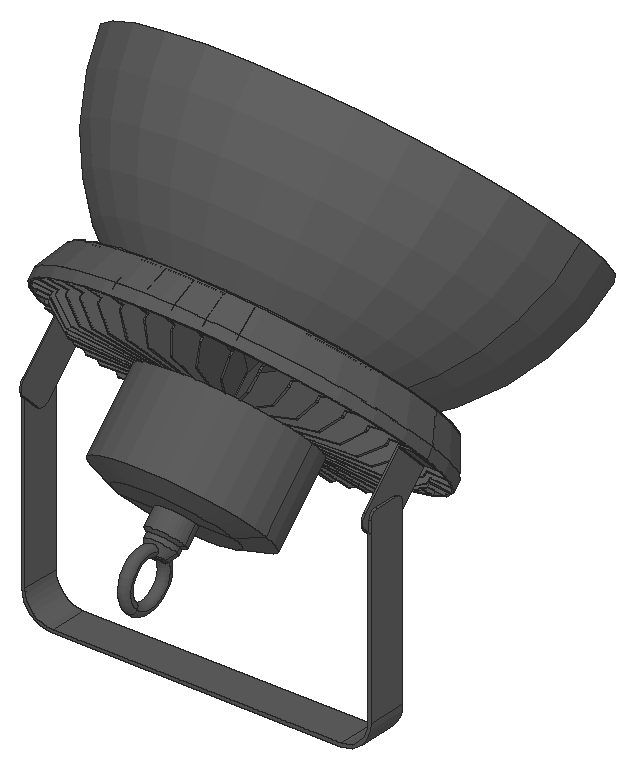
Revit family "0039349+0039355+0039360 Feilo Sylvania Lighting Fixture START HIGHBAY 4K 26KLM WIDE with BRACKET and ALU SHADE BLACK COLOR", category Lighting Fixtures, host Face, Revit 2017 (continued)
Definition of nested family "Start LED Highbay Head"
  Dimensions and locks
    "RHHeight3_FEILO": plane 31 to plane 33
    "RHHeight4_FEILO": plane 33 to plane 34
    "RHRadius3_FEILO": plane 3 "Center (Left/Right)" to plane 35
    "RHHeight1_FEILO": plane 28 to plane 30
    "EyeInner_FEILO": plane 34 to plane 36
    "EyeInner_FEILO": plane 36 to plane 37
    equal spacing: plane 38, plane 3 "Center (Left/Right)", plane 39
    "EyeThickness_FEILO": plane 38 to plane 39
    "EyeThickness_FEILO": plane 37 to plane 40
    equal spacing: plane 37, plane 41, plane 40
    equal spacing: plane 6, plane 42, plane 18
    "ThicknessBracket_FEILO": plane 45 to plane 6
    "ThicknessBracket_FEILO": plane 8 to plane 44
    locked: plane 43 to plane 18 at 1
    equal spacing: plane 24, plane 46, plane 26
    equal spacing: plane 47, plane 1 "Center (Front/Back)", plane 48
    "WidthBracket_FEILO": plane 47 to plane 48
    "WidthRingChamfer_FEILO": plane 50 to plane 49
    "ThicknessWall_FEILO": plane 51 to plane 49
    equal spacing: plane 50, plane 52, plane 51
    "ThicknessBracket_FEILO": plane 54 to plane 50
    locked: plane 53 to plane 51 at 1
    "Radius_FEILO": plane 49 to plane 3 "Center (Left/Right)"
    "ShadeRadiusOut_FEILO": plane 3 "Center (Left/Right)" to plane 55
    "ShadeHeight_FEILO": plane 56 to plane 4
    "ShadeRadiusIn_FEILO": plane 3 "Center (Left/Right)" to plane 57
    locked: plane 58 to plane 57 at 8
    "ShadeThickness_FEILO": plane 60 to plane 4
    "ShadeThickness_FEILO": plane 59 to plane 55
    "EyeThicknessHalf_FEILO": radius of curve 8
    "ThicknessBracket_FEILO": radius of Extrusion 7 sketch curve  (x2)
    "ThicknessBracketHalf_FEILO": radius of Extrusion 7 sketch curve  (x2)
    "ShadeRadiusBend_FEILO": radius of curve 9
    aligned and locked: plane 2 to Extrusion 1
    aligned and locked: level to Extrusion 1
    aligned and locked: plane 5 to curve 1
    aligned and locked: plane 6 to curve 1
    aligned and locked: plane 7 to curve 1
    aligned and locked: plane 10 to curve 2
    aligned and locked: plane 9 to curve 3
    aligned and locked: plane 4 to curve 3
    aligned and locked: plane 11 to curve 3
    aligned and locked: plane 4 to curve 4
    aligned and locked: plane 18 to curve 5
    aligned and locked: plane 10 to curve 5
    aligned and locked: Revolve 2 sketch curve to plane 3 "Center (Left/Right)"
    aligned and locked: Revolve 2 sketch curve to curve 3
    aligned and locked: Revolve 2 sketch curve to curve 1
    aligned and locked: plane 4 to Revolve 2 sketch curve
    aligned and locked: plane 9 to Revolve 2 sketch curve
    aligned and locked: Revolve 2 sketch curve to plane 13
    aligned and locked: Revolve 2 sketch curve to plane 10
    aligned and locked: plane 13 to Revolve 2 sketch curve
    aligned and locked: plane 10 to Revolve 2 sketch curve
    aligned and locked: Revolve 2 sketch curve to plane 18
    aligned and locked: Revolve 2 sketch curve to plane 8
    aligned and locked: plane 5 to Revolve 2 sketch curve  (x2)
    aligned and locked: Revolve 3 sketch curve to plane 3 "Center (Left/Right)"
    aligned and locked: plane 11 to Revolve 3 sketch curve
    aligned and locked: Revolve 3 sketch curve to curve 2
    aligned and locked: plane 15 to Revolve 3 sketch curve
    aligned and locked: Revolve 3 sketch curve to plane 16
    aligned and locked: plane 17 to Revolve 3 sketch curve  (x2)
    aligned and locked: Revolve 3 sketch curve to plane 12
    aligned and locked: plane 7 to Revolve 3 sketch curve
    aligned and locked: Revolve 4 sketch curve to plane 3 "Center (Left/Right)"
    aligned and locked: Revolve 4 sketch curve to plane 14
    aligned and locked: plane 3 "Center (Left/Right)" to Revolve 4 sketch curve
    aligned and locked: Revolve 4 sketch curve to plane 12
    aligned and locked: plane 15 to Revolve 4 sketch curve
    aligned and locked: Revolve 2 sketch curve to curve 5
    aligned and locked: plane 22 to curve 6
    aligned and locked: plane 21 to curve 6
    aligned and locked: plane 20 to curve 6
    aligned and locked: plane 19 to curve 6
    aligned and locked: plane 33 to curve 7
    aligned and locked: plane 32 to curve 7
    aligned and locked: plane 35 to curve 7
    aligned and locked: plane 34 to curve 7
    aligned and locked: Revolve 5 sketch curve to plane 3 "Center (Left/Right)"
    aligned and locked: Revolve 5 sketch curve to plane 25
    aligned and locked: plane 27 to Revolve 5 sketch curve
    aligned and locked: plane 28 to Revolve 5 sketch curve
    aligned and locked: plane 30 to Revolve 5 sketch curve
    aligned and locked: Revolve 5 sketch curve to plane 29
    aligned and locked: plane 31 to Revolve 5 sketch curve
    aligned and locked: Revolve 5 sketch curve to curve 7
    aligned and locked: Revolve 5 sketch curve to plane 32
    aligned and locked: plane 34 to Revolve 5 sketch curve
    aligned and locked: plane 3 "Center (Left/Right)" to Revolve 5 sketch curve
    aligned and locked: plane 3 "Center (Left/Right)" to curve 8
    aligned and locked: plane 41 to curve 8
    aligned and locked: Revolve 6 sketch curve to plane 36
    aligned and locked: Revolve 6 sketch curve to curve 8
    aligned and locked: plane 43 to Extrusion 7 sketch curve  (x2)
    aligned and locked: plane 8 to Extrusion 7 sketch curve  (x3)
    aligned and locked: Extrusion 7 sketch curve to plane 45
    aligned and locked: Extrusion 7 sketch curve to plane 46  (x2)
    aligned and locked: plane 6 to Extrusion 7 sketch curve
    aligned and locked: Extrusion 7 sketch curve to plane 44  (x2)
    aligned and locked: Extrusion 7 to plane 48
    aligned and locked: plane 47 to Extrusion 7
    aligned and locked: plane 53 to Extrusion 7 sketch curve
    aligned and locked: plane 50 to Extrusion 7 sketch curve
    aligned and locked: Extrusion 7 sketch curve to plane 54
    aligned and locked: Extrusion 8 sketch curve to Extrusion 8 sketch curve
    aligned and locked: Extrusion 8 to plane 6
    aligned and locked: Extrusion 8 to Extrusion 7
    aligned and locked: Revolve 5 sketch curve to plane 22
    aligned and locked: plane 23 to nested 1
    aligned and locked: plane 1 "Center (Front/Back)" to nested 1
    aligned and locked: Revolve 9 sketch curve to plane 3 "Center (Left/Right)"
    aligned and locked: Revolve 9 sketch curve to plane 4
    aligned and locked: plane 6 to Revolve 9 sketch curve
    aligned and locked: plane 4 to Revolve 9 sketch curve
    aligned and locked: plane 7 to Revolve 9 sketch curve
    aligned and locked: Revolve 9 sketch curve to plane 5
    aligned and locked: plane 8 to Revolve 9 sketch curve  (x2)
    aligned and locked: Revolve 9 sketch curve to plane 19
    aligned and locked: plane 20 to Revolve 9 sketch curve
    aligned and locked: plane 19 to Revolve 9 sketch curve
    aligned and locked: plane 21 to Revolve 9 sketch curve
    aligned and locked: plane 22 to Revolve 9 sketch curve  (x2)
    aligned and locked: Revolve 9 sketch curve to Revolve 9 sketch curve
    aligned and locked: imposter light to plane 4
    aligned and locked: plane 3 "Center (Left/Right)" to imposter light
    aligned and locked: imposter light to plane 1 "Center (Front/Back)"
    aligned and locked: plane 55 to curve 9
    aligned and locked: plane 56 to curve 9
    aligned and locked: plane 57 to curve 9
    aligned and locked: plane 4 to curve 9
    aligned and locked: Revolve 10 sketch curve to curve 9
    aligned and locked: plane 58 to Revolve 10 sketch curve
    aligned and locked: plane 57 to Revolve 10 sketch curve
    aligned and locked: plane 56 to Revolve 10 sketch curve  (x2)
    aligned and locked: Revolve 10 sketch curve to plane 58
    aligned and locked: plane 60 to Revolve 10 sketch curve
  Automatic sketch dimensions
    Extrusion 1 sketch curve to Extrusion 1 sketch curve = 2438.4 mm  (x2)
    Revolve 2 sketch curve to plane 6 = 0.299 mm
    plane 6 to Revolve 2 sketch curve = 0.459 mm
    Revolve 2 sketch curve to level = 609.6 mm
    Revolve 2 sketch curve to Revolve 2 sketch curve = 2312.223 mm
    Revolve 3 sketch curve to plane 12 = 0 mm
    Revolve 3 sketch curve to plane 3 "Center (Left/Right)" = 0 mm
    Revolve 3 sketch curve to level = 609.6 mm
    Revolve 3 sketch curve to plane 4 = 2339.058 mm
    Revolve 4 sketch curve to level = 609.6 mm
    Revolve 4 sketch curve to plane 4 = 2339.058 mm
    Revolve 6 sketch curve to plane 5 = 1080 mm
    plane 38 to Revolve 6 sketch curve = 1219.2 mm
    Extrusion 8 sketch curve to plane 47 = 0 mm
    plane 46 to Extrusion 8 sketch curve = 0 mm  (x2)
    Extrusion 8 sketch curve to plane 48 = 0 mm
    plane 47 to Extrusion 8 sketch curve = 5 mm
    plane 1 "Center (Front/Back)" to Extrusion 8 sketch curve = 10 mm
    Extrusion 8 sketch curve to Extrusion 8 sketch curve = 10 mm
    plane 46 to Extrusion 8 sketch curve = 5 mm
    Extrusion 8 sketch curve to Extrusion 8 sketch curve = 5 mm
    Extrusion 8 sketch curve to plane 48 = 5 mm
    Revolve 5 sketch curve to plane 26 = 0 mm
    Revolve 5 sketch curve to plane 35 = 0.437 mm
    plane 35 to Revolve 5 sketch curve = 0.847 mm
    Revolve 5 sketch curve to plane 34 = 0.726 mm
    plane 40 to Revolve 5 sketch curve = 590.2 mm
    Revolve 5 sketch curve to plane 4 = 2339.058 mm
    Revolve 9 sketch curve to level = 609.6 mm
    Revolve 9 sketch curve to Revolve 9 sketch curve = 2386.058 mm
    curve 2 to plane 3 "Center (Left/Right)" = 0 mm
    Revolve 10 sketch curve to Revolve 10 sketch curve = 0 mm  (x2)
    Revolve 10 sketch curve to plane 3 "Center (Left/Right)" = 0 mm
    plane 57 to Revolve 10 sketch curve = 0.659 mm
    Revolve 10 sketch curve to level = 609.6 mm
    Revolve 10 sketch curve to Revolve 10 sketch curve = 2068.248 mm
  Nested families
    nested 1: "Start Highbay Rib" at (0, 0, 67.775), type "Type Name", detail levels medium+fine
      with SuspensionHeight_FEILO 2.6 mm
    nested 2: "Start Highbay Rib" at (0, 0, 67.775) x (0.9877, 0.1564, 0) z (0, 0, 1), type "Type Name", detail levels medium+fine
      with SuspensionHeight_FEILO 2.6 mm
    nested 3: "Start Highbay Rib" at (0, 0, 67.775) x (0.9511, 0.309, 0) z (0, 0, 1), type "Type Name", detail levels medium+fine
      with SuspensionHeight_FEILO 2.6 mm
    nested 4: "Start Highbay Rib" at (0, 0, 67.775) x (0.891, 0.454, 0) z (0, 0, 1), type "Type Name", detail levels medium+fine
      with SuspensionHeight_FEILO 2.6 mm
    nested 5: "Start Highbay Rib" at (0, 0, 67.775) x (0.809, 0.5878, 0) z (0, 0, 1), type "Type Name", detail levels medium+fine
      with SuspensionHeight_FEILO 2.6 mm
    nested 6: "Start Highbay Rib" at (0, 0, 67.775) x (0.7071, 0.7071, 0) z (0, 0, 1), type "Type Name", detail levels medium+fine
      with SuspensionHeight_FEILO 2.6 mm
    nested 7: "Start Highbay Rib" at (0, 0, 67.775) x (0.5878, 0.809, 0) z (0, 0, 1), type "Type Name", detail levels medium+fine
      with SuspensionHeight_FEILO 2.6 mm
    nested 8: "Start Highbay Rib" at (0, 0, 67.775) x (0.454, 0.891, 0) z (0, 0, 1), type "Type Name", detail levels medium+fine
      with SuspensionHeight_FEILO 2.6 mm
    nested 9: "Start Highbay Rib" at (0, 0, 67.775) x (0.309, 0.9511, 0) z (0, 0, 1), type "Type Name", detail levels medium+fine
      with SuspensionHeight_FEILO 2.6 mm
    nested 10: "Start Highbay Rib" at (0, 0, 67.775) x (0.1564, 0.9877, 0) z (0, 0, 1), type "Type Name", detail levels medium+fine
      with SuspensionHeight_FEILO 2.6 mm
    nested 11: "Start Highbay Rib" at (0, 0, 67.775) x (0, 1, 0) z (0, 0, 1), type "Type Name", detail levels medium+fine
      with SuspensionHeight_FEILO 2.6 mm
    nested 12: "Start Highbay Rib" at (0, 0, 67.775) x (-0.1564, 0.9877, 0) z (0, 0, 1), type "Type Name", detail levels medium+fine
      with SuspensionHeight_FEILO 2.6 mm
    nested 13: "Start Highbay Rib" at (0, 0, 67.775) x (-0.309, 0.9511, 0) z (0, 0, 1), type "Type Name", detail levels medium+fine
      with SuspensionHeight_FEILO 2.6 mm
    nested 14: "Start Highbay Rib" at (0, 0, 67.775) x (-0.454, 0.891, 0) z (0, 0, 1), type "Type Name", detail levels medium+fine
      with SuspensionHeight_FEILO 2.6 mm
    nested 15: "Start Highbay Rib" at (0, 0, 67.775) x (-0.5878, 0.809, 0) z (0, 0, 1), type "Type Name", detail levels medium+fine
      with SuspensionHeight_FEILO 2.6 mm
    nested 16: "Start Highbay Rib" at (0, 0, 67.775) x (-0.7071, 0.7071, 0) z (0, 0, 1), type "Type Name", detail levels medium+fine
      with SuspensionHeight_FEILO 2.6 mm
    nested 17: "Start Highbay Rib" at (0, 0, 67.775) x (-0.809, 0.5878, 0) z (0, 0, 1), type "Type Name", detail levels medium+fine
      with SuspensionHeight_FEILO 2.6 mm
    nested 18: "Start Highbay Rib" at (0, 0, 67.775) x (-0.891, 0.454, 0) z (0, 0, 1), type "Type Name", detail levels medium+fine
      with SuspensionHeight_FEILO 2.6 mm
    nested 19: "Start Highbay Rib" at (0, 0, 67.775) x (-0.9511, 0.309, 0) z (0, 0, 1), type "Type Name", detail levels medium+fine
      with SuspensionHeight_FEILO 2.6 mm
    nested 20: "Start Highbay Rib" at (0, 0, 67.775) x (-0.9877, 0.1564, 0) z (0, 0, 1), type "Type Name", detail levels medium+fine
      with SuspensionHeight_FEILO 2.6 mm
    nested 21: "Start Highbay Rib" at (0, 0, 67.775) x (-1, 0, 0) z (0, 0, 1), type "Type Name", detail levels medium+fine
      with SuspensionHeight_FEILO 2.6 mm
    nested 22: "Start Highbay Rib" at (0, 0, 67.775) x (-0.9877, -0.1564, 0) z (0, 0, 1), type "Type Name", detail levels medium+fine
      with SuspensionHeight_FEILO 2.6 mm
    nested 23: "Start Highbay Rib" at (0, 0, 67.775) x (-0.9511, -0.309, 0) z (0, 0, 1), type "Type Name", detail levels medium+fine
      with SuspensionHeight_FEILO 2.6 mm
    nested 24: "Start Highbay Rib" at (0, 0, 67.775) x (-0.891, -0.454, 0) z (0, 0, 1), type "Type Name", detail levels medium+fine
      with SuspensionHeight_FEILO 2.6 mm
    nested 25: "Start Highbay Rib" at (0, 0, 67.775) x (-0.809, -0.5878, 0) z (0, 0, 1), type "Type Name", detail levels medium+fine
      with SuspensionHeight_FEILO 2.6 mm
    nested 26: "Start Highbay Rib" at (0, 0, 67.775) x (-0.7071, -0.7071, 0) z (0, 0, 1), type "Type Name", detail levels medium+fine
      with SuspensionHeight_FEILO 2.6 mm
    nested 27: "Start Highbay Rib" at (0, 0, 67.775) x (-0.5878, -0.809, 0) z (0, 0, 1), type "Type Name", detail levels medium+fine
      with SuspensionHeight_FEILO 2.6 mm
    nested 28: "Start Highbay Rib" at (0, 0, 67.775) x (-0.454, -0.891, 0) z (0, 0, 1), type "Type Name", detail levels medium+fine
      with SuspensionHeight_FEILO 2.6 mm
    nested 29: "Start Highbay Rib" at (0, 0, 67.775) x (-0.309, -0.9511, 0) z (0, 0, 1), type "Type Name", detail levels medium+fine
      with SuspensionHeight_FEILO 2.6 mm
    nested 30: "Start Highbay Rib" at (0, 0, 67.775) x (-0.1564, -0.9877, 0) z (0, 0, 1), type "Type Name", detail levels medium+fine
      with SuspensionHeight_FEILO 2.6 mm
    nested 31: "Start Highbay Rib" at (0, 0, 67.775) x (0, -1, 0) z (0, 0, 1), type "Type Name", detail levels medium+fine
      with SuspensionHeight_FEILO 2.6 mm
    nested 32: "Start Highbay Rib" at (0, 0, 67.775) x (0.1564, -0.9877, 0) z (0, 0, 1), type "Type Name", detail levels medium+fine
      with SuspensionHeight_FEILO 2.6 mm
    nested 33: "Start Highbay Rib" at (0, 0, 67.775) x (0.309, -0.9511, 0) z (0, 0, 1), type "Type Name", detail levels medium+fine
      with SuspensionHeight_FEILO 2.6 mm
    nested 34: "Start Highbay Rib" at (0, 0, 67.775) x (0.454, -0.891, 0) z (0, 0, 1), type "Type Name", detail levels medium+fine
      with SuspensionHeight_FEILO 2.6 mm
    nested 35: "Start Highbay Rib" at (0, 0, 67.775) x (0.5878, -0.809, 0) z (0, 0, 1), type "Type Name", detail levels medium+fine
      with SuspensionHeight_FEILO 2.6 mm
    nested 36: "Start Highbay Rib" at (0, 0, 67.775) x (0.7071, -0.7071, 0) z (0, 0, 1), type "Type Name", detail levels medium+fine
      with SuspensionHeight_FEILO 2.6 mm
    nested 37: "Start Highbay Rib" at (0, 0, 67.775) x (0.809, -0.5878, 0) z (0, 0, 1), type "Type Name", detail levels medium+fine
      with SuspensionHeight_FEILO 2.6 mm
    nested 38: "Start Highbay Rib" at (0, 0, 67.775) x (0.891, -0.454, 0) z (0, 0, 1), type "Type Name", detail levels medium+fine
      with SuspensionHeight_FEILO 2.6 mm
    nested 39: "Start Highbay Rib" at (0, 0, 67.775) x (0.9511, -0.309, 0) z (0, 0, 1), type "Type Name", detail levels medium+fine
      with SuspensionHeight_FEILO 2.6 mm
    nested 40: "Start Highbay Rib" at (0, 0, 67.775) x (0.9877, -0.1564, 0) z (0, 0, 1), type "Type Name", detail levels medium+fine
      with SuspensionHeight_FEILO 2.6 mm
  Definition of nested family "Start Highbay Rib"
    Parameters (values of type "Type Name")
      WidthStraight_FEILO = if(SizeS_FEILO, 3 mm, if(SizeM_FEILO, 4 mm, 4.7 mm))  # 3 mm
      WidthRingChamfer_FEILO = if(SizeS_FEILO, 10.3 mm, if(SizeM_FEILO, 11.2 mm, 12.9 mm))  # 10.3 mm
      WidthCurved_FEILO = if(SizeS_FEILO, 17.4 mm, if(SizeM_FEILO, 16.4 mm, 26.2 mm))  # 17.4 mm
      WidthCurvedRing_FEILO = if(SizeS_FEILO, 3 mm, if(SizeM_FEILO, 4 mm, 4.7 mm))  # 3 mm
      WidthBracket_FEILO = 40 mm
      URL = "http://www.feilosylvania.com"
      Type Image = (empty or 0)
      Type Comments = "n/a"
      ThicknessWall_FEILO = 1.5 mm
      ThicknessBracket_FEILO = 1.5 mm
      ThicknessBracketHalf_FEILO = ThicknessBracket_FEILO / 2  # 0.75 mm
      SuspensionHeight_FEILO [instance] = 2.6 mm
      SizeS_FEILO = yes
      SizeM_FEILO = no
      Rib4_FEILO = if(SizeS_FEILO, 18.1 mm, if(SizeM_FEILO, 13.6 mm, 14.6 mm))  # 18.1 mm
      Rib3_FEILO = if(SizeS_FEILO, 15.3 mm, if(SizeM_FEILO, 17.6 mm, 20.2 mm))  # 15.3 mm
      Rib2_FEILO = if(SizeS_FEILO, 3.6 mm, if(SizeM_FEILO, 3.9 mm, 4.5 mm))  # 3.6 mm
      Rib1_FEILO = if(SizeS_FEILO, 15.1 mm, if(SizeM_FEILO, 16.5 mm, 19 mm))  # 15.1 mm
      RadiusRib_FEILO = 2 mm
      RadiusDiffuser_FEILO = if(SizeS_FEILO, 95.2 mm, if(SizeM_FEILO, 105.3 mm, 120 mm))  # 95.2 mm
      RHRadius3_FEILO = if(SizeS_FEILO, 6.6 mm, if(SizeM_FEILO, 7.4 mm, 8.6 mm))  # 6.6 mm
      RHRadius2_FEILO = if(SizeS_FEILO, 11 mm, if(SizeM_FEILO, 12 mm, 14 mm))  # 11 mm
      RHRadius1_FEILO = if(SizeS_FEILO, 13.6 mm, if(SizeM_FEILO, 14.9 mm, 17.7 mm))  # 13.6 mm
      RHHeight4_FEILO = if(SizeS_FEILO, 7.3 mm, if(SizeM_FEILO, 8 mm, 9.2 mm))  # 7.3 mm
      RHHeight3_FEILO = if(SizeS_FEILO, 3.6 mm, if(SizeM_FEILO, 3.7 mm, 4.6 mm))  # 3.6 mm
      RHHeight2_FEILO = if(SizeS_FEILO, 2 mm, if(SizeM_FEILO, 2.2 mm, 2.6 mm))  # 2 mm
      RHHeight1_FEILO = if(SizeS_FEILO, 11.8 mm, if(SizeM_FEILO, 15.3 mm, 17.4 mm))  # 11.8 mm
      Material_3_FEILO = none
      Model = ""
      Manufacturer = "Feilo Sylvania"
      Keynote = "16500"
      HeightRing_FEILO = if(SizeS_FEILO, 19.8 mm, if(SizeM_FEILO, 32 mm, 36.8 mm))  # 19.8 mm
      HeightRingChamfer_FEILO = if(SizeS_FEILO, 11.7 mm, if(SizeM_FEILO, 23.2 mm, 26.6 mm))  # 11.7 mm
      EyeThickness_FEILO = if(SizeS_FEILO, 8.4 mm, if(SizeM_FEILO, 9.2 mm, 10.5 mm))  # 8.4 mm
      EyeThicknessHalf_FEILO = EyeThickness_FEILO / 2  # 4.2 mm
      EyeInner_FEILO = if(SizeS_FEILO, 13.8 mm, if(SizeM_FEILO, 15.1 mm, 17.3 mm))  # 13.8 mm
      DriverVerticalStraight_FEILO = if(SizeS_FEILO, 46.5 mm, if(SizeM_FEILO, 49.7 mm, 57 mm))  # 46.5 mm
      DriverVerticalChamfer_FEILO = if(SizeS_FEILO, 7.5 mm, if(SizeM_FEILO, 8.2 mm, 9.5 mm))  # 7.5 mm
      DriverRadius_FEILO = if(SizeS_FEILO, 61.4 mm, if(SizeM_FEILO, 67.2 mm, 76.4 mm))  # 61.4 mm
      DriverRadiusTop_FEILO = if(SizeS_FEILO, 42 mm, if(SizeM_FEILO, 45.3 mm, 52.4 mm))  # 42 mm
      DriverBottom_FEILO = if(SizeS_FEILO, 56 mm, if(SizeM_FEILO, 64.5 mm, 74 mm))  # 56 mm
      Material_2_FEILO = none
      Radius_FEILO = if(SizeS_FEILO, 135 mm, if(SizeM_FEILO, 148 mm, 169.5 mm))  # 135 mm
      Description = ""
      Default Elevation = 1219.2 mm
      Cost = 0
      Material_1_FEILO = none
      Assembly Code = "D5020200"
      Material_4_FEILO = none
    Reference planes
      plane 1 "Center (Front/Back)": y = 0
      plane 2: z = 0
      plane 3 "Center (Left/Right)": x = 0
      plane 4: z = 2.6
      plane 5: x = -135
      plane 6: x = -124.7
      plane 7: z = -9.1
      plane 8: z = -17.2
      plane 9: x = -121.7
      plane 10: z = -0.025
      plane 11: x = -104.3
      plane 12: x = -95.2
      plane 13: x = -118.7
      plane 14: z = 0.975
      plane 15: z = -1.025
      plane 16: x = -92.2
      plane 17: z = -2.025
      plane 18: x = -133.5
      plane 19: x = -119.9
      plane 20: z = -20.8
      plane 21: x = -104.6
      plane 22: z = -38.9
      plane 23: x = -20
      plane 24: z = -53.4
      plane 25: x = -61.4
      plane 26: z = -99.9
      plane 27: x = -42
      plane 28: z = -107.4
      plane 29: x = -13.6
      plane 30: z = -119.2
      plane 31: z = -121.2
      plane 32: x = -11
      plane 33: z = -124.8
      plane 34: z = -132.1
      plane 35: x = -6.6
      plane 36: z = -145.9
      plane 37: z = -159.7
      plane 38: x = 4.2
      plane 39: x = -4.2
      plane 40: z = -168.1
      plane 41: z = -163.9
      plane 42: x = -129.1
      plane 43: x = -132.5
      plane 44: z = -18.7
      plane 45: x = -123.2
      plane 46: z = -76.65
      plane 47: y = -20
      plane 48: y = 20
      plane 49: x = 135
      plane 50: x = 124.7
      plane 51: x = 133.5
      plane 52: x = 129.1
      plane 53: x = 132.5
      plane 54: x = 123.2
      plane 55: y = 0.75
      plane 56: y = -0.75
    Forms (mm)
      Extrusion 1, solid
        sketch origin (4.2, 0, 0) x (1, 0, 0) y (0, 1, 0)
          loop
            line (-1219.2, 1219.2) -> (-1219.2, -1219.2) -> (1219.2, -1219.2) -> (1219.2, 1219.2) -> (-1219.2, 1219.2)
        from 0 to -68.017
      Extrusion 2, solid, material <- "Material_1_FEILO"
        sketch origin (0, 0, 0) x (1, 0, 0) y (0, 0, 1)
          loop
            arc (-104.3, -0.025) -> (-111.555, 0.423) -> (-118.7, 1.76) r 58.981
            line (-118.7, 1.76) -> (-118.7, -0.025) -> (-125.012, -0.025) -> (-133.5, -9.666) -> (-133.5, -17.2) -> (-119.9, -17.2) -> (-119.9, -20.068)
            arc (-119.9, -20.068) -> (-119.778, -20.755) -> (-119.427, -21.359) r 2
            line (-119.427, -21.359) -> (-104.966, -38.467)
            arc (-104.966, -38.467) -> (-104.381, -38.789) -> (-103.723, -38.9) r 2
            line (-103.723, -38.9) -> (-20, -38.9) -> (-20, -9.1) -> (-95.2, -9.1) -> (-95.2, -2.025) -> (-104.3, -2.025) -> (-104.3, -0.025)
        from -0.75 to 0.75
    Lines and regions (mm)
      reference lines
        curve 1: line (-135, 0, -9.1) -> (-124.7, 0, 2.6)
        curve 2: line (-104.3, 0, -0.025) -> (0, 0, -0.025)
        curve 3: arc (-104.3, 0, -0.025) -> (-113.098, 0, 0.635) -> (-121.7, 0, 2.6) r 58.981
        curve 4: line (-124.7, 0, 2.6) -> (-121.7, 0, 2.6)
        curve 5: line (-125.012, 0, -0.025) -> (-133.5, 0, -9.666)
        curve 6: line (-119.9, 0, -20.8) -> (-104.6, 0, -38.9)
    Dimensions and locks
      "Radius_FEILO": plane 3 "Center (Left/Right)" to plane 5
      "WidthRingChamfer_FEILO": plane 6 to plane 5
      "WidthStraight_FEILO": plane 9 to plane 6
      "WidthCurvedRing_FEILO": plane 13 to plane 9
      locked: plane 10 to plane 15 at 1
      locked: plane 14 to plane 10 at 1
      locked: plane 4 to plane 10 at 2.625
      locked: plane 15 to plane 17 at 1
      "ThicknessWall_FEILO": plane 18 to plane 5
      "ThicknessWall_FEILO": curve 5 to curve 1
      "HeightRingChamfer_FEILO": plane 4 to plane 7
      "HeightRing_FEILO": plane 4 to plane 8
      "RadiusDiffuser_FEILO": plane 3 "Center (Left/Right)" to plane 12
      locked: plane 16 to plane 12 at 3
      "WidthCurved_FEILO": plane 11 to plane 9
      "SuspensionHeight_FEILO": plane 4 to plane 2
      "Rib1_FEILO": plane 19 to plane 5
      "Rib2_FEILO": plane 8 to plane 20
      "Rib3_FEILO": plane 21 to plane 19
      "Rib4_FEILO": plane 20 to plane 22
      locked: plane 3 "Center (Left/Right)" to plane 23 at 20
      "DriverBottom_FEILO": plane 4 to plane 24
      "DriverRadius_FEILO": plane 3 "Center (Left/Right)" to plane 25
      "DriverVerticalStraight_FEILO": plane 24 to plane 26
      "DriverRadiusTop_FEILO": plane 3 "Center (Left/Right)" to plane 27
      "DriverVerticalChamfer_FEILO": plane 26 to plane 28
      "RHRadius1_FEILO": plane 3 "Center (Left/Right)" to plane 29
      "RHHeight2_FEILO": plane 30 to plane 31
      "RHRadius2_FEILO": plane 3 "Center (Left/Right)" to plane 32
      "RHHeight3_FEILO": plane 31 to plane 33
      "RHHeight4_FEILO": plane 33 to plane 34
      "RHRadius3_FEILO": plane 3 "Center (Left/Right)" to plane 35
      "RHHeight1_FEILO": plane 28 to plane 30
      "EyeInner_FEILO": plane 34 to plane 36
      "EyeInner_FEILO": plane 36 to plane 37
      equal spacing: plane 38, plane 3 "Center (Left/Right)", plane 39
      "EyeThickness_FEILO": plane 38 to plane 39
      "EyeThickness_FEILO": plane 37 to plane 40
      equal spacing: plane 37, plane 41, plane 40
      equal spacing: plane 6, plane 42, plane 18
      "ThicknessBracket_FEILO": plane 45 to plane 6
      "ThicknessBracket_FEILO": plane 8 to plane 44
      locked: plane 43 to plane 18 at 1
      equal spacing: plane 24, plane 46, plane 26
      equal spacing: plane 47, plane 1 "Center (Front/Back)", plane 48
      "WidthBracket_FEILO": plane 47 to plane 48
      "WidthRingChamfer_FEILO": plane 50 to plane 49
      "ThicknessWall_FEILO": plane 51 to plane 49
      equal spacing: plane 50, plane 52, plane 51
      "ThicknessBracket_FEILO": plane 54 to plane 50
      locked: plane 53 to plane 51 at 1
      "Radius_FEILO": plane 49 to plane 3 "Center (Left/Right)"
      equal spacing: plane 56, plane 1 "Center (Front/Back)", plane 55
      "ThicknessWall_FEILO": plane 56 to plane 55
      "RadiusRib_FEILO": radius of Extrusion 2 sketch curve  (x2)
      aligned and locked: plane 2 to Extrusion 1
      aligned and locked: level to Extrusion 1
      aligned and locked: plane 5 to curve 1
      aligned and locked: plane 6 to curve 1
      aligned and locked: plane 7 to curve 1
      aligned and locked: plane 10 to curve 2
      aligned and locked: plane 9 to curve 3
      aligned and locked: plane 4 to curve 3
      aligned and locked: plane 11 to curve 3
      aligned and locked: plane 4 to curve 4
      aligned and locked: plane 18 to curve 5
      aligned and locked: plane 10 to curve 5
      aligned and locked: plane 22 to curve 6
      aligned and locked: plane 21 to curve 6
      aligned and locked: plane 20 to curve 6
      aligned and locked: plane 19 to curve 6
      aligned and locked: Extrusion 2 sketch curve to plane 23
      aligned and locked: Extrusion 2 sketch curve to plane 22
      aligned and locked: Extrusion 2 sketch curve to curve 6
      aligned and locked: plane 19 to Extrusion 2 sketch curve
      aligned and locked: Extrusion 2 sketch curve to plane 8
      aligned and locked: Extrusion 2 sketch curve to curve 5
      aligned and locked: Extrusion 2 sketch curve to curve 3
      aligned and locked: Extrusion 2 to plane 55
      aligned and locked: plane 56 to Extrusion 2
      aligned and locked: curve 6 to Extrusion 2 sketch curve
    Automatic sketch dimensions
      Extrusion 1 sketch curve to Extrusion 1 sketch curve = 2438.4 mm  (x2)
      curve 2 to plane 3 "Center (Left/Right)" = 0 mm
      Extrusion 2 sketch curve to plane 18 = 0 mm
      Extrusion 2 sketch curve to plane 10 = 0 mm
      Extrusion 2 sketch curve to plane 13 = 0 mm
      Extrusion 2 sketch curve to plane 7 = 0 mm
      Extrusion 2 sketch curve to plane 12 = 0 mm
      Extrusion 2 sketch curve to plane 17 = 0 mm
      plane 19 to Extrusion 2 sketch curve = 0.473 mm
      Extrusion 2 sketch curve to plane 21 = 0.366 mm
